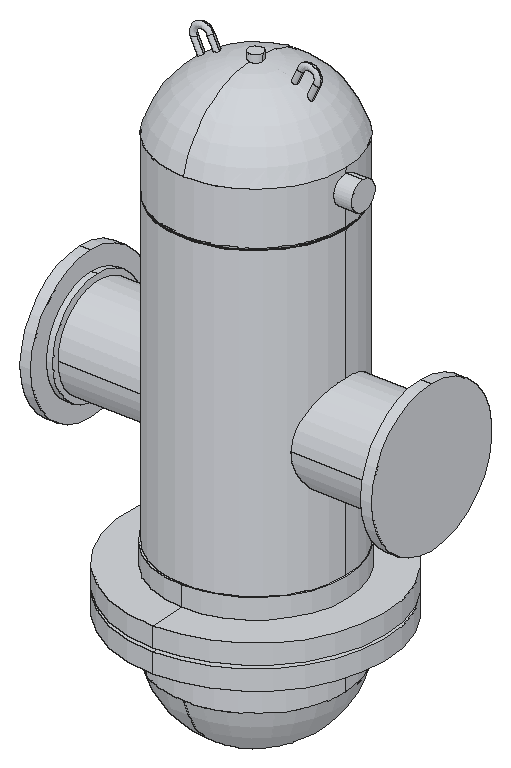
Revit family "WVA-10", category Mechanical Equipment, Revit 2014
Parameters (values of type "WVA-10")
  SideDrainExtrusion = CylinderHalfLength * 0.13123  # 1.80441"
  PipeConnectorDiameter = 10"
  PartNumber = "72080100"
  MaximumOperatingTemperature = "240°F"
  MaximumOperatingPressure = "125 PSIG"
  MaximumFlow = "1440 GPM"
  HookWidth = 1.89491"
  SideFlangeThickness1 = 191/256"
  SideFlangeThickness = 1 9/64"
  LeftHookDistance = 0.35916"
  TopExtrusionDiameter = A * 0.1111  # 3.05525"
  SideFlangeStep2 = 15 121/128"
  SideFlangeStep1 = 12 1/128"
  PipeDiameter = 10 191/256"
  HookTopDistance = B * 0.01386  # 0.9009"
  HookDistance = A * 0.19597  # 5.38918"
  URL = "http://westank.com/"
  TotalHeight = B * 0.1364  # 8.866"
  Step5Diameter = A * 0.21818  # 5.99998"
  Step4Diameter = A * 0.25455  # 7"
  Step3Diameter = A * 0.18182  # 5.00005"
  Step2Diameter = A * 0.10909  # 2.99998"
  Step1Diameter = A * 0.05454  # 1.49985"
  RingDistance = B * 0.19599  # 12.73935"
  RevolveRadius = CylindarDia / 2  # 9 5/8"
  Model = "WVA-10"
  Manufacturer = "Wessels Company"
  HookDiameter = A * 0.0223  # 0.61325"
  Height2 = B * 0.00547  # 0.35555"
  Height1 = B * 0.03268  # 2.1242"
  DrainExtrusionPosition = B * 0.03671  # 2.38615"
  D = 32 1/2"
  CylinderHeight = B * 0.781  # 50.765"
  CylinderHalfLength = A / 2  # 13 3/4"
  CouplingHeight = B * 0.15525  # 10.09125"
  C = 37 1/2"
  BottomRevolveHeight = B * 0.10886  # 7.0759"
  BottomExtrusionHeight = B * 0.01095  # 0.71175"
  B = 65"
  CylindarDia = A * 0.7  # 19 1/4"
  NumberOfArray = 9
  ArrayRadius = CylindarDia * 0.62598  # 12.05019"
  ApproximateShipmentWeight = "1000 lbs"
  A = 27 1/2"
Reference planes (in)
  plane 1: z = 0
  plane 2 "Center (Left/Right)": x = 0
  plane 3: x = -9.625
  plane 4: y = 1.09449
  plane 5: y = -8.53051
  plane 6: x = 9.625
  plane 7: z = 65
  plane 8: z = 32.5
  plane 9: y = -18.15551
  plane 10: z = 57.8825
  plane 11: z = 7.1175
  plane 12: y = -9.03051
  plane 13: y = -8.03051
  plane 14: z = 57.38817
  plane 15: z = 54.3329
  plane 16: z = 55.86054
  plane 17: x = 13.75
  plane 18: z = 52.26065
  plane 19: z = 52.01065
  plane 20: x = 0
  plane 21: z = 7.61359
  plane 22: x = -13.75
  plane 23: y = -22.28051
  plane 24: y = 5.21949
  plane 25: x = 10.125
  plane 26: z = 4.08442
  plane 27: z = 0.71175
  plane 28: z = 7.78765
  plane 29: y = -2.15551
  plane 30: y = -14.90551
  plane 31: x = -18.75
  plane 32: x = 18.75
  plane 33: z = 32.5
  plane 34: x = 2
  plane 35: x = -2.03354
Forms (in)
  Extrusion 1, solid
    sketch origin (0, 0, 0) x (1, 0, 0) y (0, 1, 0)
      loop
        circle (0, -8.53051) r 9.625
    from 7.78765 to 57.8825
  Revolve 2, solid
    sketch origin (0, 0, 0) x (0, 1, 0) y (0, 0, 1)
      loop
        line (-8.53051, 57.8825) -> (-8.53051, 65)
        arc (-8.53051, 65) -> (-14.59375, 63.13262) -> (-18.15551, 57.8825) r 9.56699
        line (-18.15551, 57.8825) -> (-8.53051, 57.8825)
      axis (-8.53051, 65) -> (-8.53051, 57.8825)
    angle from 0 to 360
  Revolve 3, solid
    sketch origin (0, 0, 23) x (0, 1, 0) y (0, 0, 1)
      loop
        line (-8.53051, -15.21235) -> (-18.15551, -15.21235)
        arc (-18.15551, -15.21235) -> (-14.61031, -20.47414) -> (-8.53051, -22.28825) r 9.40734
        line (-8.53051, -22.28825) -> (-8.53051, -15.21235)
      axis (-8.53051, -22.28825) -> (-8.53051, -15.21235)
    angle from 0 to 360
  Extrusion 4, solid
    sketch origin (13.75, -180, 55.70663) x (0, 0, 1) y (0, -1, 0)
      loop
        circle (0.1539, -171.46949) r 1.52763
    from -2.32059 to -5.43856
  Revolve 5, void
    sketch origin (0, 0, 0) x (0, 1, 0) y (0, 0, 1)
      loop
        line (1.14136, 52.32759) -> (1.00252, 52.12931) -> (1.00252, 52.01065) -> (1.14136, 52.01065) -> (1.14136, 52.32759)
      axis (-8.53051, 52.32759) -> (-8.53051, 52.01065)
    angle from 0 to 360
  Revolve 6, solid
    sketch origin (0, 0, 0) x (0, 1, 0) y (0, 0, 1)
      loop
        line (1.27519, 12.21545) -> (5.21949, 12.21545) -> (5.21949, 14.33965) -> (1.69769, 14.33965) -> (1.69769, 14.6952) -> (5.21949, 14.6952) -> (5.21949, 16.8194) -> (1.27519, 16.8194) -> (1.27519, 18.95725) -> (1.09449, 18.95725) -> (1.09449, 10.09125) -> (1.27519, 10.09125) -> (1.27519, 12.21545)
      axis (-8.53051, 18.95725) -> (-8.53051, 10.09125)
    angle from 0 to 360
  Extrusion 7, solid
    sketch origin (0, 0, 0) x (1, 0, 0) y (0, 1, 0)
      loop
        circle (0, -8.53051) r 0.74993
    from 0 to 0.71175
  Extrusion 8, solid
    sketch origin (0, 0, 0) x (0, 1, 0) y (0, 0, 1)
      loop
        circle (-8.53051, 32.5) r 5.37305
    from -16.86328 to 16.86328
  Extrusion 9, solid
    sketch origin (-18.75, -180, 25.05775) x (0, 0, 1) y (0, -1, 0)
      loop
        circle (7.44225, -171.46949) r 6.00391
    from 1.88672 to 1.14063
  Extrusion 10, solid
    sketch origin (-18.75, -180, 25.05775) x (0, 0, 1) y (0, -1, 0)
      loop
        circle (7.44225, -171.46949) r 7.97266
    from 0 to 1.14063
  Extrusion 11, solid
    sketch origin (7.625, -180, 25.05775) x (0, 0, 1) y (0, 1, 0)
      loop
        circle (7.44225, 171.46949) r 6.00391
    from -9.23828 to -9.98438
  Extrusion 12, solid
    sketch origin (7.625, -180, 25.05775) x (0, 0, 1) y (0, 1, 0)
      loop
        circle (7.44225, 171.46949) r 7.97266
    from -11.125 to -9.98438
  Extrusion 13, solid
    sketch origin (-60.41868, -180, 65) x (-1, 0, 0) y (0, -1, 0)
      loop
        circle (-60.41868, -171.46949) r 0.74993
    from 0 to 0.71071
  Sweep 14, solid
    path origin (-13.4228, -4.17845, 174.36217) x (0.420829, -0.006315, 0.907118) y (0.907134, -0.000727, -0.420841)
      loop
        line (-92.98541, 62.31718) -> (-90.8911, 62.31718)
        arc (-90.8911, 62.31718) -> (-89.94365, 63.26464) -> (-90.8911, 64.21209) r 0.94745
        line (-90.8911, 64.21209) -> (-92.96355, 64.21209)
    profile origin (4.41696, -3.64314, 64.73767) x (0.907134, -0.000727, -0.420841) y (0.003318, 0.99998, 0.005423)
      loop
        circle (0, -4.875) r 0.30663
  Sweep 15, solid
    path origin (13.4228, -4.17845, 174.36217) x (-0.420829, -0.006315, 0.907118) y (0.907134, 0.000727, 0.420841)
      loop
        line (-92.98541, -62.31718) -> (-90.8911, -62.31718)
        arc (-90.8911, -62.31718) -> (-89.94365, -63.26464) -> (-90.8911, -64.21209) r 0.94745
        line (-90.8911, -64.21209) -> (-92.96355, -64.21209)
    profile origin (-4.41696, -3.64314, 64.73767) x (0.907134, 0.000727, 0.420841) y (-0.003318, 0.99998, 0.005423)
      loop
        circle (0, -4.875) r 0.30663
Cuts and joins
  Revolve 5 cuts Extrusion 1
  joined: Extrusion 1, Revolve 2, Revolve 3, Extrusion 4, Revolve 6, Extrusion 8, Extrusion 13, Sweep 14, Sweep 15
Dimensions and locks (in)
  equal spacing: plane 6, plane 2 "Center (Left/Right)", plane 3
  "CylindarDia": plane 6 to plane 3
  equal spacing: plane 7, plane 8, level
  "B": plane 7 to level
  equal spacing: plane 3, plane 2 "Center (Left/Right)", plane 6
  plane 3 to plane 6 = 19 1/4"
  equal spacing: plane 4, plane 5, plane 9
  plane 4 to plane 9 = 19 1/4"
  "RevolveRadius": plane 9 to plane 5
  equal spacing: plane 10, plane 8, plane 11
  "CylinderHeight": plane 10 to plane 11
  equal spacing: plane 12, plane 5, plane 13
  plane 12 to plane 13 = 1"
  plane 14 to plane 15 = 3.05527"
  equal spacing: plane 14, plane 16, plane 15
  plane 10 to plane 14 = 0.49433"
  locked: Extrusion 4 sketch curve to plane 5
  locked: Extrusion 4 sketch curve to plane 16 at 0
  locked: Revolve 5 sketch curve to Revolve 5 sketch curve at 0.13884
  locked: plane 18 to plane 19 at 0.25
  "RingDistance": plane 7 to plane 18
  locked: plane 21 to plane 11 at 0.49609
  equal spacing: plane 17, plane 2 "Center (Left/Right)", plane 22
  "A": plane 17 to plane 22
  equal spacing: plane 23, plane 5, plane 24
  "A": plane 23 to plane 24
  locked: plane 25 to plane 6 at 0.5
  Revolve 6 to plane 26 = 8.13103"
  "Height1": Revolve 6 sketch curve to Revolve 6 sketch curve  (x3)
  "Height2": Revolve 6 sketch curve to Revolve 6 sketch curve
  "TotalHeight": Revolve 6 sketch curve to Revolve 6 sketch curve
  "CouplingHeight": level to Revolve 6 sketch curve
  equal spacing: plane 30, plane 5, plane 29
  equal spacing: plane 32, plane 2 "Center (Left/Right)", plane 31
  "C": plane 32 to plane 31
  "D": plane 33 to level
  "SideFlangeThickness": Extrusion 10 to plane 31
  "SideFlangeThickness1": Extrusion 9 to Extrusion 10
  "SideFlangeThickness": plane 32 to Extrusion 12
  "SideFlangeThickness1": Extrusion 11 to Extrusion 12
  locked: plane 20 to Extrusion 13 sketch curve at 0
  locked: plane 5 to Extrusion 13 sketch curve at 0
  "BottomExtrusionHeight": plane 27 to level
  "BottomRevolveHeight": plane 28 to plane 27
  locked: plane 20 to Extrusion 7 sketch curve at 0
  locked: Extrusion 7 sketch curve to plane 5 at 0
  plane 34 to plane 20 to plane 35 = 2", 2.03354"
  "SideDrainExtrusion": Extrusion 4 to plane 6
  "HookWidth": Sweep 14 sketch curve to Sweep 14 sketch curve
  "HookWidth": Sweep 15 sketch curve to Sweep 15 sketch curve
  "CylindarDia": diameter of Extrusion 1 sketch curve
  "TopExtrusionDiameter": diameter of Extrusion 4 sketch curve
  "Step1Diameter": diameter of Extrusion 13 sketch curve
  "PipeDiameter": diameter of Extrusion 8 sketch curve
  "SideFlangeStep1": diameter of Extrusion 9 sketch curve
  "SideFlangeStep2": diameter of Extrusion 10 sketch curve
  "SideFlangeStep1": diameter of Extrusion 11 sketch curve
  "SideFlangeStep2": diameter of Extrusion 12 sketch curve
  "Step1Diameter": diameter of Extrusion 7 sketch curve
  "HookDiameter": diameter of Sweep 14 sketch curve
  "HookDiameter": diameter of Sweep 15 sketch curve
  aligned and locked: level to plane 1
  aligned and locked: Revolve 2 sketch curve to Extrusion 1
  aligned and locked: plane 5 to Revolve 2 sketch curve  (x2)
  aligned and locked: Revolve 2 sketch curve to plane 5
  aligned and locked: Revolve 3 sketch curve to Extrusion 1
  aligned and locked: plane 5 to Revolve 3 sketch curve
  aligned and locked: plane 9 to Revolve 3 sketch curve
  aligned and locked: plane 9 to Revolve 2 sketch curve
  aligned and locked: plane 10 to Extrusion 1
  aligned and locked: Revolve 5 sketch curve to plane 19
  aligned and locked: plane 20 to plane 2 "Center (Left/Right)"
  aligned and locked: Revolve 6 sketch curve to Revolve 6 sketch curve
  aligned and locked: Revolve 6 sketch curve to plane 4
  aligned and locked: Revolve 6 sketch curve to plane 5
  aligned and locked: plane 24 to Revolve 6 sketch curve
  aligned and locked: Revolve 5 sketch curve to plane 5
  aligned and locked: Extrusion 1 to plane 28
  aligned and locked: plane 27 to Extrusion 7
  aligned and locked: Extrusion 7 to level
  aligned and locked: Extrusion 10 to plane 31
  aligned and locked: Extrusion 9 to Extrusion 10
  aligned and locked: Extrusion 8 to Extrusion 9
  aligned and locked: Extrusion 12 to Extrusion 11
  aligned and locked: Extrusion 8 to Extrusion 11
  aligned and locked: plane 32 to Extrusion 12
  aligned and locked: Extrusion 13 to plane 7
Automatic sketch dimensions
  Revolve 3 sketch curve to plane 5 = 0"
  Revolve 3 sketch curve to plane 27 = 0"  (x2)
  Revolve 3 sketch curve to plane 28 = 0"
  Revolve 3 sketch curve to plane 12 = 0.00764"
  Revolve 5 sketch curve to plane 4 = 0.09196"
  plane 19 to Revolve 5 sketch curve = 0.11866"
  plane 18 to Revolve 5 sketch curve = 0.06694"
  Revolve 5 sketch curve to level = 12"
  Revolve 2 sketch curve to plane 10 = 0"
  Revolve 2 sketch curve to plane 7 = 0"
  plane 12 to Revolve 2 sketch curve = 0.12504"
  plane 7 to Revolve 2 sketch curve = 2.7327"
  plane 7 to Revolve 5 sketch curve = 72 7/8"
  Extrusion 1 sketch curve to plane 2 "Center (Left/Right)" = 0"
  Extrusion 1 sketch curve to plane 5 = 0"
  Revolve 6 sketch curve to plane 4 = 0"
  Revolve 6 sketch curve to Revolve 6 sketch curve = 0.1807"  (x2)
  plane 4 to Revolve 6 sketch curve = 0.6032"
  Revolve 6 sketch curve to level = 12"
  plane 7 to Revolve 6 sketch curve = 73"
  Extrusion 8 sketch curve to plane 5 = 0"
  Extrusion 8 sketch curve to plane 8 = 0"
  Extrusion 9 sketch curve to plane 5 = 0"
  Extrusion 9 sketch curve to plane 8 = 0"
  Extrusion 10 sketch curve to plane 5 = 0"
  Extrusion 10 sketch curve to plane 8 = 0"
  Extrusion 11 sketch curve to plane 5 = 0"
  Extrusion 11 sketch curve to plane 8 = 0"
  Extrusion 12 sketch curve to plane 5 = 0"
  Extrusion 12 sketch curve to plane 8 = 0"
  Sweep 14 sketch curve to Sweep 14 sketch curve = 2.07245"
  Sweep 14 sketch curve to Sweep 14 sketch curve = 0.02185"
  Sweep 14 sketch curve to profile plane = 0"
  Sweep 14 sketch curve to profile plane = 4 7/8"
  Sweep 15 sketch curve to Sweep 15 sketch curve = 2.07245"
  Sweep 15 sketch curve to Sweep 15 sketch curve = 0.02185"
  profile plane to Sweep 15 sketch curve = 0"
  Sweep 15 sketch curve to profile plane = 4 7/8"
Connectors (in)
  piping at (18.75, -8.53051, 32.5), diameter 10, driven by "PipeConnectorDiameter"
    settings: on Extrusion 12, index 1, connector inside diameter 24", connector length 0", flow factor 0, pipe flow 0 GPM, pressure drop 0.00 psi, fitting loss kfactor 0, connector angle 0.00°, fixture units 0, engagement length 0", angle of deflection 0.00°, flow configuration 0, flow direction 0, fitting loss method 0, system type 7, joint type 0, gender type 0, connector reference index -1, connector utility 0, adjustable connector no, is connector primary yes, connector description ""
  piping at (-18.75, -8.53051, 32.5), diameter 10, driven by "PipeConnectorDiameter"
    settings: on Extrusion 10, index 2, connector inside diameter 24", connector length 0", flow factor 0, pipe flow 0 GPM, pressure drop 0.00 psi, fitting loss kfactor 0, connector angle 0.00°, fixture units 0, engagement length 0", angle of deflection 0.00°, flow configuration 0, flow direction 0, fitting loss method 0, system type 7, joint type 0, gender type 0, connector reference index -1, connector utility 0, adjustable connector no, is connector primary no, connector description ""
